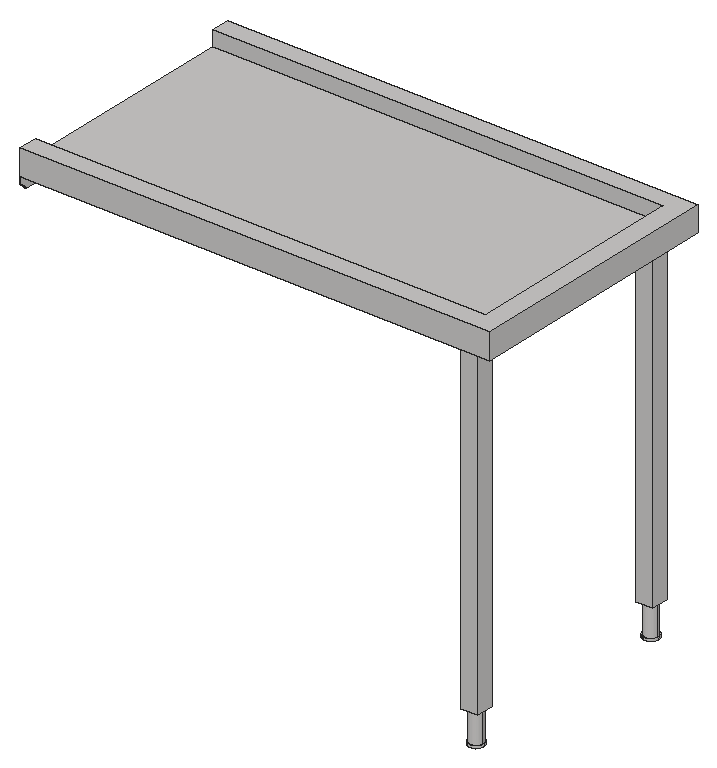
Revit family "QF_ELECTROLUXPROFESSIONAL_865400_BHRLU11", category Specialty Equipment, Revit 2018
Family settings
  Round Connector Dimension = Use Diameter
  Part Type = Normal
  Work Plane-Based = No
  Always vertical = Yes
  Cut with Voids When Loaded = No
  Shared = No
  Room Calculation Point = No
Parameters
  Weight = 0.00 kg
  Watts = 0 W
  Volts = 0 V
  URL Manufacturer = "http://professional.electrolux.com/"
  URL = "http://professional.electrolux.com/"
  Steam Supply Size = 0 mm
  Steam Supply Minimum Pressure = 0.0 Pa
  Steam Supply Maximum Pressure = 0.0 Pa
  Steam Pounds per Hour = 0
  Refrigeration Suction Line Size = 0 mm
  Refrigeration Liquid Line Size = 0 mm
  Refrigerant Compressor Remote = yes
  Manufacturer = "Electrolux"
  Phase = 0
  Model = "BHRLU11"
  Length Actual = 1100 mm  # constant formula
  Item Number = "865400"
  Hot Water Size = 0 mm
  Height Actual = 910 mm  # constant formula
  HP = "0 HP"
  Gas Size = 0 mm
  Gas KW = 0
  Gas Input Pressure = 0 W
  Description = "DW TABLE UNLOADING&LOAD.1100MM-RACK TYPE"
  Depth Actual = 610 mm  # constant formula
  Cycle = 0 Hz
  Condensate Return Size = 0 mm
  Compressed Air Volume = 0.0 L/s
  Compressed Air Size = 0 mm
  Compressed Air Pressure = 0.0 Pa
  Cold Water Size = 0 mm
  Accessory = yes
Reference planes
  plane 1 "Center (Front/Back)": y = -47.5
  plane 2: z = 0
  plane 3 "BACK": y = 257.5
  plane 4 "FRONT": y = -352.5
  plane 5 "RIGHT": x = 450
  plane 6: z = 910
  plane 7 "LEFT": x = -650
Forms (mm)
  Extrusion 1, solid, material "QF_Finishes_Stainless Steel"
    sketch origin (0, 0, 0) x (1, 0, 0) y (0, 1, 0)
      loop
        line (-647.022, 212.5) -> (405, 212.5) -> (405, -307.5) -> (-647.022, -307.5) -> (-647.022, -352.5) -> (450, -352.5) -> (450, 257.5) -> (-647.022, 257.5) -> (-647.022, 212.5)
    from 850 to 910
  Extrusion 2, solid, material "QF_Finishes_Stainless Steel"
    sketch origin (0, 0, 53) x (1, 0, 0) y (0, 1, 0)
      loop
        line (-647.022, 212.5) -> (-647.022, -307.5) -> (405, -307.5) -> (405, 212.5) -> (-647.022, 212.5)
    from 797 to 822
  Extrusion 3, solid, material "QF_Finishes_Stainless Steel"
    sketch origin (-200, 0, 0) x (0, 1, 0) y (0, 0, 1)
      loop
        line (-352.5, 835) -> (-337.5, 820) -> (242.5, 820) -> (257.5, 835) -> (257.5, 910) -> (212.5, 910) -> (212.5, 875) -> (-307.5, 875) -> (-307.5, 910) -> (-352.5, 910) -> (-352.5, 835)
    from -450 to -447.022
Cuts and joins
  joined: Extrusion 1, Extrusion 2, Extrusion 3
Lines and regions (mm)
  symbolic lines
    curve 1: line (-650, 257.5, 0) -> (450, 257.5, 0)
    curve 2: line (450, 257.5, 0) -> (450, -352.5, 0)
    curve 3: line (450, -352.5, 0) -> (-650, -352.5, 0)
    curve 4: line (-650, -307.5, 0) -> (405, -307.5, 0)
    curve 5: line (405, -307.5, 0) -> (405, 212.5, 0)
    curve 6: line (405, 212.5, 0) -> (-650, 212.5, 0)
    curve 7: line (-650, 257.5, 0) -> (-650, -352.5, 0)
    curve 8: line (-650, -47.5, 0) -> (-620, -47.5, 0)
Dimensions and locks
  Extrusion 1 to Extrusion 1 = 45 mm
  plane 7 "LEFT" to plane 5 "RIGHT" = 1100 mm
  aligned and locked: level to plane 2
  aligned and locked: plane 6 to Extrusion 1
Nested families
  nested 1: "Foot_40x40" at (380, -303.5, 0), type "Foot_40x40"
    with A 850 mm
  nested 2: "Foot_40x40" at (380, 208.5, 0), type "Foot_40x40"
    with A 850 mm
Definition of nested family "Foot_40x40"
  Parameters
    A [instance] = 850 mm
  Reference planes
    plane 1 "Centro (Fronte/Retro)": y = 0
    plane 2: z = 0
    plane 3 "Centro (Sinistra/Destra)": x = 0
    plane 4: z = 850
  Forms (mm)
    Extrusion 1, solid
      sketch origin (0, 0, 0) x (1, 0, 0) y (0, 1, 0)
        loop
          circle (0, 0) r 18
      from 0 to 5
    Extrusion 2, solid
      sketch origin (0, 0, 5) x (1, 0, 0) y (0, 1, 0)
        loop
          circle (0, 0) r 15
      from 0 to 70
    Extrusion 3, solid
      sketch origin (0, 0, 75) x (1, 0, 0) y (0, 1, 0)
        loop
          line (-20, 20) -> (-20, -20) -> (20, -20) -> (20, 20) -> (-20, 20)
      from 0 to 775
  Dimensions and locks
    "A": plane 4 to plane 2
    aligned and locked: level to plane 2
    aligned and locked: plane 4 to Extrusion 3
    aligned and locked: Extrusion 1 to level
  Automatic sketch dimensions
    plane 1 "Centro (Fronte/Retro)" to Extrusion 1 sketch curve = 0 mm
    Extrusion 1 sketch curve to plane 3 "Centro (Sinistra/Destra)" = 0 mm
    Extrusion 3 sketch curve to Extrusion 3 sketch curve = 40 mm  (x2)
    radius of Extrusion 1 sketch curve = 18 mm
    radius of Extrusion 2 sketch curve to Extrusion 1 = 3 mm
